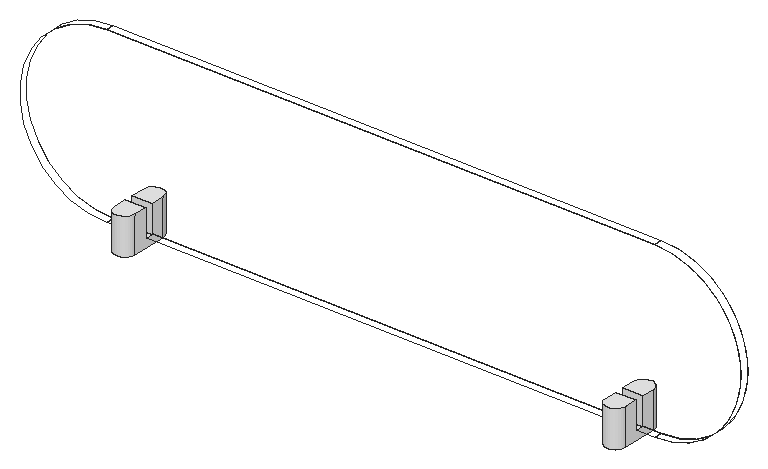
Revit family "Shelf-Glass-Caroma Track", category Specialty Equipment, host Face, Revit 2014
Parameters (values of type "Standard")
  Width_ANZRS = 126 mm  # constant formula
  URL = "http://specify.caroma.com.au/products/bathroom-accessories/track/track-glass-shelf"
  Type Comments = "Caroma Track Glass Shelf"  # constant formula
  ModifiedIssue_ANZRS = 20150112.01  # constant formula
  Model = "90230C"  # constant formula
  Material_ANZRS = Metal-Chrome-Caroma
  Manufacturer = "GWA Bathrooms & Kitchens"  # constant formula
  Length_ANZRS = 500 mm  # constant formula
  Height_ANZRS = 38 mm  # constant formula
  Glazing = Glass-Clear-Caroma
  Description = "Featuring bold, designer styling and European inspired design, the Track range will lift the feel of any bathroom."  # constant formula
  Default Elevation = 900 mm
  CreatedBy_ANZRS = "Design Content"  # constant formula
  CreatedByURL_ANZRS = "http://www.designcontent.com.au"
  Cost = 0
  Assembly Code = "C1030200"
Reference planes
  plane 1 "Center (Elevation)": y = 0
  plane 2 "Back": z = 0
  plane 3 "Center (Left/Right)": x = 0
  plane 4 "Left": x = -250
  plane 5 "Right": x = 250
  plane 6: x = 170
  plane 7: x = -170
  plane 8 "Top": y = 19
  plane 9 "Bottom": y = -19
  plane 10 "Front": z = 126
Forms (mm)
  Extrusion 1, solid, material "Glass-Clear-Caroma" <- "Glazing"
    sketch origin (0, 0, 0) x (1, 0, 0) y (0, 0, 1)
      loop
        arc (190, 6) -> (250, 66) -> (190, 126) r 60
        line (190, 126) -> (-190, 126)
        arc (-190, 126) -> (-250, 66) -> (-190, 6) r 60
        line (-190, 6) -> (190, 6)
    from -3 to 3
  Extrusion 2, solid, material "Metal-Chrome-Caroma" <- "Material_ANZRS"
    sketch origin (0, 0, 0) x (1, 0, 0) y (0, 1, 0)
      loop
        line (-177, 12) -> (-177, -12)
        arc (-177, -12) -> (-170, -19) -> (-163, -12) r 7
        line (-163, -12) -> (-163, 12)
        arc (-163, 12) -> (-170, 19) -> (-177, 12) r 7
      loop
        line (163, 12) -> (163, -12)
        arc (163, -12) -> (170, -19) -> (177, -12) r 7
        line (177, -12) -> (177, 12)
        arc (177, 12) -> (170, 19) -> (163, 12) r 7
    from 0 to 25.047
  Extrusion 3, void
    sketch origin (0, 0, 0) x (1, 0, 0) y (0, 0, 1)
      loop
        arc (190, 6) -> (250, 66) -> (190, 126) r 60
        line (190, 126) -> (-190, 126)
        arc (-190, 126) -> (-250, 66) -> (-190, 6) r 60
        line (-190, 6) -> (190, 6)
    from -3 to 3
Cuts and joins
  Extrusion 3 cuts Extrusion 2
Dimensions and locks
  "Length_ANZRS": plane 4 "Left" to plane 5 "Right"
  equal spacing: plane 4 "Left", plane 3 "Center (Left/Right)", plane 5 "Right"
  plane 7 to plane 3 "Center (Left/Right)" to plane 6 = 170 mm, 170 mm
  aligned and locked: plane 2 "Back" to host face
  aligned and locked: level to host face
Automatic sketch dimensions
  host sketch curve to host sketch curve = 2438.4 mm  (x2)
  level to Extrusion 1 sketch curve = 6 mm
  Extrusion 1 sketch curve to plane 7 = 20 mm
  plane 6 to Extrusion 1 sketch curve = 20 mm
  Extrusion 2 sketch curve to plane 7 = 7.00002 mm
  Extrusion 2 sketch curve to plane 7 = 0.00002 mm
  Extrusion 2 sketch curve to plane 6 = 7.00002 mm
  Extrusion 2 sketch curve to plane 6 = 0.00002 mm
  plane 1 "Center (Elevation)" to Extrusion 2 sketch curve = 12 mm  (x2)
  Extrusion 2 sketch curve to plane 1 "Center (Elevation)" = 12 mm  (x2)
  level to Extrusion 3 sketch curve = 6 mm
  Extrusion 3 sketch curve to plane 7 = 20 mm
  plane 6 to Extrusion 3 sketch curve = 20 mm
  Extrusion 1 sketch curve to plane 10 "Front" = 0 mm
  Extrusion 3 sketch curve to plane 10 "Front" = 0 mm
